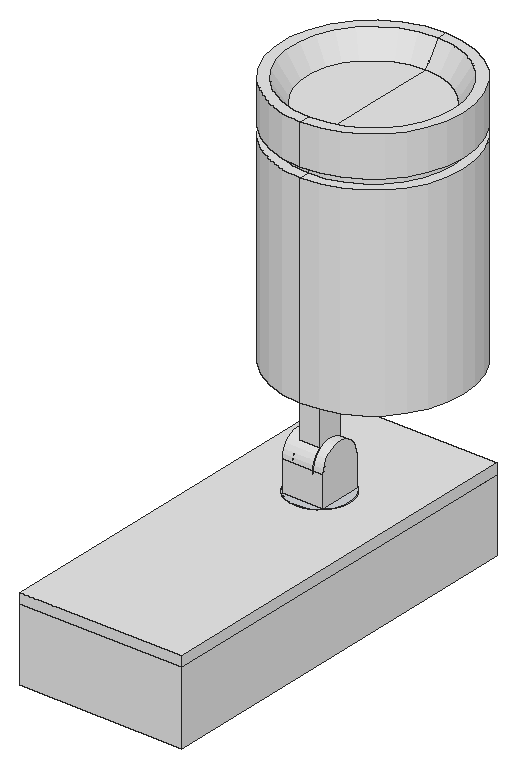
Revit family "63_PHILIPS_StyliD_Evo_Compact_3C_track_ST770T_3D", category Lighting Fixtures, host Face, Revit 2016
Family settings
  Host = Face
  Part Type = Normal
  Round Connector Dimension = Use Diameter
  Cut with Voids When Loaded = No
  Light Source = No
  Shared = No
  Room Calculation Point = No
Parameters (values of type "Type catalog")
  Voltage (V) = ""
  Visibility 2D symbol [instance] = not(Visibility 2D outline)  # yes
  Visibility 2D outline [instance] = no
  Visibility 2D driver [instance] = no
  Rotation XZ = 0.00°
  Rotation XY = 90.00°
  Product catalog - URL = "PRODUCT URL"
  Order code = "ORDER CODE"
  Offset = 1 mm
  Length = 146 mm
  Last IES update = "DATE"
  Height = 275 mm
  Fixture code = "FIXTURE CODE"
  ETIM code URL = "https://prod.etim-international.com/Class/Details?classId=EC001744&classVersion=7"
  ETIM code = "EC001744"
  EOC = "EOC CODE"
  Diameter = 90 mm
  Content version = "1.0"
  Content modified date = "DATE"
  Content creation date = "28-03-2019"
  Constraint XZ = if(Rotation XZ < 0.00°, 0.00°, if(Rotation XZ > 355.00°, 355.00°, Rotation XZ))  # 0.00°
  Constraint XY = if(Rotation XY < 15.00°, 15.00°, if(Rotation XY > 140.00°, 140.00°, Rotation XY))  # 90.00°
  Connector width = 80 mm
  Wattage Comments = ""
  URL = "http://www.lighting.philips.com/home"
  Type Comments = "Track Mount"
  Model = "ST770T"
  Manufacturer = "Philips"
  Light loss factor = ""
  Lamp = ""
  Initial luminous flux (lm) = ""
  Init. Corr. Color Temperature (K) = ""
  Description = "StyliD Evo"
  Default Elevation = 0 mm
  Content Creator = "https://www.cadac.com/bimcontent"
  Connector height = 54 mm
  Conector length = 210 mm
  built-in parameter 1140040 [instance] = 1
  BIM Library - URL = "http://www.lighting.philips.com/main/support/support/revit-library#page=1"
  Assembly Code = ""
  Armatuurcode [instance] = ""
  Apparent Load = 0 VA
  12NC = "12NC CODE"
Reference planes
  plane 1 "Center (Front/Back)": y = 0
  plane 2: z = 0
  plane 3 "Center (Left/Right)": x = 0
  plane 4 "Cadac Group AEC": y = 0
  plane 5: z = 211
  plane 6: z = -53
  plane 7: z = 1
  plane 8: x = -40
  plane 9: y = -195
  plane 10: y = -49.5
  plane 11: x = 40
  plane 12: z = 125.635
  plane 13: z = 42
Lines and regions (mm)
  reference lines
    curve 1: line (0, -49.5, 42) -> (0, -230.226, 42)
Dimensions and locks
  "Connector height": plane 6 to plane 7
  equal spacing: plane 8, plane 3 "Center (Left/Right)", plane 11
  "Connector width": plane 8 to plane 11
  "Offset": plane 2 to plane 7
  "Conector length": plane 7 to plane 5
  plane 9 to plane 1 "Center (Front/Back)" = 195 mm
  locked: plane 10 to curve 1 at 0
  locked: plane 3 "Center (Left/Right)" to curve 1
  "Constraint XZ": angle curve 1 to plane 3 "Center (Left/Right)"
  aligned and locked: plane 2 to host face
  aligned and locked: level to host face
  aligned and locked: plane 4 "Cadac Group AEC" to plane 1 "Center (Front/Back)"
  aligned and locked: nested 1 to plane 1 "Center (Front/Back)"
Automatic sketch dimensions
  host sketch curve to host sketch curve = 727.065 mm
  host sketch curve to host sketch curve = 619.519 mm
Nested families
  nested 1: "63_PHILIPS_Trackmount_Compact_3C" at (0, -90, 1), type "geometry"
    with length 210 mm
  nested 2: "63_PHILIPS_Spot_StyliD_Compact_3C" at (0, -59.5, 42) x (0, -1, 0) z (0, 0, -1), rotation angle ZX <- "Constraint XY", type "Spot"
    with rotation angle ZX 90.00°
  nested 3: "2D-PL-Rechthoekig" at (0, -90, 0) x (0, 1, 0) z (0, 0, 1), Width <- "Connector width", lengte <- "Conector length", visible <- "Visibility 2D outline", type "2D symbool"
    with lengte 210 mm, Width 80 mm
  nested 4: "2D-PL-Rond + symbool + peil" at (0, -26.5, 0) x (-1, 0, 0) z (0, 0, 1), Diameters <- "Diameter", Rotation XY <- "Constraint XZ", visible <- "Visibility 2D symbol", type "2D symbool"
    with radius 45 mm, Rotation XY 0.00°, Diameters 90 mm
  nested 5: "2D-PL-peil" at (0, -26.5, 0) x (0, 1, 0) z (0, 0, 1), type "2D symbool"
  nested 6: "2D-PL-Driver" at (0, -13, 0), visible <- "Visibility 2D driver", type "2D symbool"
Connectors
  electrical at (0, -97.5, 1), driven by "Apparent Load"
    settings: on nested 1, index 1, voltage 0 V, apparent load 0 VA, apparent load phase1 0 VA, apparent load phase2 0 VA, apparent load phase3 0 VA, power factor 1, load classification "Other", number of poles 1, system type 31, power factor state 1, is connector primary yes, connector utility no, sub classification motor no, connector description ""
Definition of nested family "63_PHILIPS_Trackmount_Compact_3C"
  Parameters (values of type "geometry")
    width = 80 mm
    light source = 2 mm
    length = 190 mm
    height = 36 mm
    algemeen_leverancier = ""
    algemeen_code = ""
    algemeen_URL = ""
    Type Comments = ""
    Model = ""
    Manufacturer = "Philips"
    Diameter pole = 30 mm
    Lamp = ""
    Description = ""
  Reference planes
    plane 1 "Center (Front/Back)": y = 0
    plane 2: z = 41
    plane 3 "Center (Left/Right)": x = 0
    plane 4 "Blend 4": z = 0
    plane 5: x = -40
    plane 6: x = 40
    plane 7: y = 95
    plane 8: y = -95
    plane 9: z = 36
    plane 10: z = 10
    plane 11: x = -32.5
    plane 12: x = 32.5
  Forms (mm)
    Extrusion 1, solid
      sketch origin (0, 0, -197) x (0, 1, 0) y (-1, 0, 0)
        loop
          line (-95, 40) -> (-95, -40) -> (80, -40) -> (80, 40) -> (-95, 40)
      from 238 to 233
    Extrusion 2, solid
      sketch origin (0, 0, 36) x (0, 1, 0) y (-1, 0, 0)
        loop
          line (80, 40) -> (-95, 40) -> (-95, -40) -> (80, -40) -> (80, 40)
      from 0 to -36
    Extrusion 3, void
      sketch origin (0, 0, 0) x (1, 0, 0) y (0, 1, 0)
        loop
          circle (0, 30.5) r 15
      from 36 to 41
    Extrusion 4, solid
      sketch origin (0, 0, 0) x (1, 0, 0) y (0, 1, 0)
        loop
          line (-12.5, 85) -> (-12.5, 10)
          arc (-12.5, 10) -> (0, 0) -> (12.5, 10) r 12.813
          line (12.5, 10) -> (12.5, 85)
          arc (12.5, 85) -> (0, 95) -> (-12.5, 85) r 12.813
      from 0 to -30
    Extrusion 5, void
      sketch origin (0, 0, 0) x (0, 1, 0) y (0, 0, 1)
        loop
          line (0, -10) -> (0, -30) -> (95, -30) -> (95, -10) -> (0, -10)
      from 12.5 to 5
    Extrusion 6, void
      sketch origin (0, 0, -1.656) x (0, 1, 0) y (0, 0, -1)
        loop
          line (0, 8.344) -> (95, 8.344) -> (95, 28.344) -> (0, 28.344) -> (0, 8.344)
      from 12.5 to 5
  Cuts and joins
    Extrusion 3 cuts Extrusion 1
    Extrusion 3, Extrusion 5, Extrusion 6 cuts Extrusion 2
    Extrusion 5, Extrusion 6 cuts Extrusion 4
  Dimensions and locks
    "height": plane 9 to level
    equal spacing: plane 7, plane 1 "Center (Front/Back)", plane 8
    "length": plane 7 to plane 8
    equal spacing: plane 5, plane 3 "Center (Left/Right)", plane 6
    "width": plane 5 to plane 6
    locked: plane 2 to plane 9 at 5
    locked: plane 5 to plane 11 at 7.5
    locked: plane 12 to plane 6 at 7.5
    aligned and locked: plane 8 to Extrusion 1 sketch curve
    aligned and locked: plane 5 to Extrusion 1 sketch curve
    aligned and locked: Extrusion 1 sketch curve to plane 6
    aligned and locked: plane 9 to Extrusion 2
    aligned and locked: plane 9 to Extrusion 3
    aligned and locked: Extrusion 3 to plane 2
    aligned and locked: Extrusion 2 to level
    aligned and locked: plane 9 to cut or joined group of Extrusion 1, Extrusion 3
    aligned and locked: cut or joined group of Extrusion 1, Extrusion 3 to plane 2
  Automatic sketch dimensions
    plane 7 to Extrusion 1 sketch curve = 15 mm
    Extrusion 2 sketch curve to Extrusion 1 = 0 mm  (x4)
    Extrusion 3 sketch curve to plane 3 "Center (Left/Right)" = 0 mm
    Extrusion 3 sketch curve to plane 1 "Center (Front/Back)" = 30.5 mm
    Extrusion 4 sketch curve to plane 3 "Center (Left/Right)" = 0 mm  (x2)
    Extrusion 4 sketch curve to plane 3 "Center (Left/Right)" = 12.5 mm
    plane 7 to Extrusion 4 sketch curve = 10 mm
    plane 3 "Center (Left/Right)" to Extrusion 4 sketch curve = 12.5 mm
    plane 7 to Extrusion 4 sketch curve = 12.812 mm
    Extrusion 4 sketch curve to plane 1 "Center (Front/Back)" = 12.813 mm
    Extrusion 4 sketch curve to plane 1 "Center (Front/Back)" = 10 mm
    Extrusion 5 sketch curve to plane 1 "Center (Front/Back)" = 0 mm
    Extrusion 5 sketch curve to plane 7 = 0 mm
    Extrusion 5 sketch curve to level = 10 mm
    Extrusion 5 sketch curve to level = 30 mm
    Extrusion 6 sketch curve to plane 1 "Center (Front/Back)" = 0 mm
    Extrusion 6 sketch curve to plane 7 = 0 mm
    Extrusion 6 sketch curve to level = 10 mm
    Extrusion 6 sketch curve to level = 30 mm
    radius of Extrusion 3 sketch curve = 15 mm
Definition of nested family "63_PHILIPS_Spot_StyliD_Compact_3C"
  Parameters (values of type "Spot")
    spot offset = 30 mm
    rotation angle ZX [instance] = 90.00°
    height spot top = 55 mm
    height spot middle = 10 mm
    height spot = 125 mm
    Radius = 45 mm
    ceiling thickness = 12.5 mm
    Wattage Comments = ""
    URL = "http://www.ecat.lighting.philips.com/l"
    Type Comments = "surface mounted"
    Model = "XXX RS530B"
    Manufacturer = "Philips"
    Description = "XXX LuxSpace"
    Default Elevation = 2800 mm
    Assembly Code = ""
  Reference planes
    plane 1 "Center (Front/Back)": y = 0
    plane 2: z = 0
    plane 3 "Center (Left/Right)": x = 0
    plane 4 "Cadac Group AEC": y = 0
    plane 5: z = 12.5
    plane 6: z = 12.5
    plane 7: z = -14
    plane 8: z = -50
  Forms (mm)
    Extrusion 1, solid
      sketch origin (0, 0, 0) x (1, 0, 0) y (0, 1, 0)
        loop
          line (-350, 290) -> (-350, -329.519) -> (377.065, -329.519) -> (377.065, 290) -> (-350, 290)
      from 0 to 12.5 <- "ceiling thickness"
    Revolve 2, solid
      sketch origin (0, 0, -14) x (0, 0, -1) y (1, 0, 0)
        loop
          line (30, -33) -> (143.915, -33) -> (143.915, 0) -> (155, 7) -> (155, 12) -> (135, 12) -> (135, 7) -> (130, 7) -> (130, 12) -> (30, 12) -> (30, -33)
        axis (30, -33) -> (155, -33)
      angle from 0 to 360
    Extrusion 3, solid
      sketch origin (0, 0, -55) x (0, 0, -1) y (1, 0, 0)
        loop
          line (-11, -6) -> (-11, 6) -> (-31.642, 6)
          arc (-31.642, 6) -> (-50.288, 0) -> (-31.642, -6) r 10.288
          line (-31.642, -6) -> (-11, -6)
      from -5 to 5
    Extrusion 4, solid
      sketch origin (0, 0, -11) x (-1, 0, 0) y (0, 0, -1)
        loop
          line (-10.381, -11) -> (10.381, -11) -> (10.381, 4)
          arc (10.381, 4) -> (0, 14.381) -> (-10.381, 4) r 10.381
          line (-10.381, 4) -> (-10.381, -11)
      from 10 to -10
    Extrusion 5, solid
      sketch origin (0, 0, 0) x (1, 0, 0) y (0, 1, 0)
        loop
          circle (0, 0) r 15
      from 0 to 5
  Lines and regions (mm)
    reference lines
      curve 1: line (0, 0, -14) -> (0, 0, -144)
      curve 2: line (0, 0, -14) -> (-108, 0, -14)
      curve 3: line (12, 0, -169) -> (-108, 0, -169)
      curve 4: line (-108, 0, -169) -> (-108, 0, -14)
      curve 5: line (12, 0, -44) -> (-108, 0, -44)
      curve 6: line (12, 0, -14) -> (12, 0, -169)
      curve 7: line (-48, 0, -169) -> (-48, 0, -14)
  Dimensions and locks
    "spot offset": curve 2 to curve 5
    curve 1 to curve 6 = 12 mm
    plane 8 to Extrusion 1 = 50 mm
    curve 3 to Revolve 2 sketch curve = 11.085 mm
    Revolve 2 sketch curve to curve 6 = 5 mm
    Revolve 2 sketch curve to Revolve 2 sketch curve = 20 mm
    Revolve 2 sketch curve to Revolve 2 sketch curve = 12 mm
    Revolve 2 sketch curve to Revolve 2 sketch curve = 5 mm
    "height spot": Revolve 2 sketch curve to Revolve 2 sketch curve
    "height spot": curve 3 to curve 5
    "rotation angle ZX": angle curve 1 to plane 7
    aligned and locked: plane 2 to Extrusion 1
    aligned and locked: level to Extrusion 1
    aligned and locked: plane 4 "Cadac Group AEC" to plane 1 "Center (Front/Back)"
    aligned and locked: plane 3 "Center (Left/Right)" to curve 1
    aligned and locked: Revolve 2 sketch curve to Revolve 2 sketch curve
    aligned and locked: Revolve 2 sketch curve to curve 3
    aligned and locked: Revolve 2 sketch curve to curve 6  (x2)
  Automatic sketch dimensions
    Extrusion 1 sketch curve to Extrusion 1 sketch curve = 727.065 mm
    Extrusion 1 sketch curve to Extrusion 1 sketch curve = 619.519 mm
    Extrusion 4 sketch curve to level = 0 mm
    plane 7 to Extrusion 4 sketch curve = 1 mm
    Extrusion 4 sketch curve to plane 3 "Center (Left/Right)" = 0 mm
    plane 3 "Center (Left/Right)" to Extrusion 4 sketch curve = 10.381 mm
    plane 1 "Center (Front/Back)" to Extrusion 5 sketch curve = 0 mm
    Extrusion 5 sketch curve to plane 3 "Center (Left/Right)" = 0 mm
    curve 1 to Extrusion 3 sketch curve = 0 mm
    curve 1 to Extrusion 3 sketch curve = 9.358 mm  (x2)
    curve 1 to Extrusion 3 sketch curve = 6 mm
    curve 1 to Extrusion 3 sketch curve = 1 mm
    Extrusion 3 sketch curve to Extrusion 3 sketch curve = 20.642 mm
    curve 1 to plane 7 = 0 mm
    curve 2 to curve 1 = 0 mm  (x2)
    curve 6 to curve 1 = 0 mm
    curve 2 to curve 1 = 108 mm
    curve 7 to curve 1 = 48 mm
    Revolve 2 sketch curve to curve 1 = 0 mm
    Revolve 2 sketch curve to curve 1 = 33 mm
    Revolve 2 sketch curve to Revolve 2 sketch curve = 5 mm
    Revolve 2 sketch curve to Revolve 2 sketch curve = 12.347 mm
    radius of Extrusion 5 sketch curve = 15 mm
  Connectors
    electrical at (0, 0, 0)
      settings: index 1, voltage 230 V, apparent load 0 VA, apparent load phase1 18 VA, apparent load phase2 0 VA, apparent load phase3 0 VA, power factor 1, load classification none, number of poles 1, system type 31, power factor state 1, is connector primary yes, connector utility no, sub classification motor no, connector description ""
Definition of nested family "2D-PL-Rechthoekig"
  Parameters (values of type "2D symbool")
    lengte [instance] = 1200 mm
    Width [instance] = 100 mm
    Type Comments = "GEEN CALCULATIEOBJECT"
    Manufacturer = ""
    Description = "Armatuur 2D symbool"
    Copyright © Cadac = "www.cadac.com/aec"
    Cadac content versie = ""
    Assembly Code = ""
  Reference planes
    plane 1 "Center (Front/Back)": y = 0
    plane 2: z = 0
    plane 3 "Center (Left/Right)": x = 0
    plane 4: y = 150
    plane 5: y = -150
    plane 6: y = 176.777
    plane 7: x = -176.777
    plane 8: x = 176.777
    plane 9: y = -176.777
    plane 10 "Cadac Group AEC": y = 0
    plane 11: y = 400
    plane 12: y = -191.421
    plane 13: y = -206.066
    plane 14: y = -220.711
    plane 15: y = -235.355
  Lines and regions (mm)
    symbolic lines
      curve 1: line (600, 50, 0) -> (600, -50, 0)
      curve 2: line (-600, 50, 0) -> (-600, -50, 0)
      curve 3: line (-600, 50, 0) -> (600, 50, 0)
      curve 4: line (-600, -50, 0) -> (600, -50, 0)
  Dimensions and locks
    equal spacing: curve 2, plane 3 "Center (Left/Right)", curve 1
    "lengte": curve 2 to curve 1
    equal spacing: plane 5, plane 1 "Center (Front/Back)", plane 4
    locked: plane 4 to plane 5 at 300
    equal spacing: curve 4, plane 1 "Center (Front/Back)", curve 3
    "Width": curve 4 to curve 3
    locked: plane 7 to plane 8 at 353.553
    locked: plane 6 to plane 9 at 353.553
    equal spacing: plane 7, plane 3 "Center (Left/Right)", plane 8
    equal spacing: plane 6, plane 1 "Center (Front/Back)", plane 9
    locked: plane 1 "Center (Front/Back)" to plane 11 at 400
    equal spacing: plane 9, plane 12, plane 13, plane 14, plane 15
    locked: plane 9 to plane 15 at 58.579
    aligned and locked: plane 10 "Cadac Group AEC" to plane 1 "Center (Front/Back)"
Definition of nested family "2D-PL-Rond + symbool + peil"
  Parameters (values of type "2D symbool")
    radius [instance] = Diameters / 2  # 125 mm
    Visibility 2D symbol = yes
    Rotation XY [instance] = 70.00°
    Diameters [instance] = 250 mm
    Description = "Armatuur symbool"
    Copyright © Cadac = "www.cadac.com/aec"
    Cadac content versie = ""
    Assembly Code = ""
  Reference planes
    plane 1 "Center (Front/Back)": y = 0
    plane 2: z = 0
    plane 3 "Center (Left/Right)": x = 0
  Lines and regions (mm)
    symbolic lines
      curve 1: circle (0, 0, 0) r 125 normal (0, 0, 1)
    reference lines
      curve 2: line (0, 0, 0) -> (314.797, 114.577, 0)
  Dimensions and locks
    locked: plane 3 "Center (Left/Right)" to nested 2 at 0
    "Diameters": diameter of curve 1
    "Rotation XY": angle curve 2 to plane 3 "Center (Left/Right)"
    aligned and locked: plane 3 "Center (Left/Right)" to curve 2
    aligned and locked: plane 1 "Center (Front/Back)" to curve 2
    aligned and locked: nested 2 to curve 2
  Automatic sketch dimensions
    plane 1 "Center (Front/Back)" to curve 1 = 0 mm
    curve 1 to plane 3 "Center (Left/Right)" = 0 mm
  Nested families
    nested 1: "PL-opbouwarmatuur plafond rond" at (0, 0, 0), radius cirkel <- "radius", visible <- "Visibility 2D symbol", type "PL lichtpunt"
      with radius cirkel 125 mm, lengte symbool 162.5 mm, l1 140 mm, breedte symbool 150 mm, b1 52.5 mm, Diameters 250 mm
    nested 2: "2D-PL-peil" at (0, 0, 0) x (-0.9397, -0.342, 0) z (0, 0, 1), visible <- "Visibility 2D symbol", type "2D symbool"
  Definition of nested family "PL-opbouwarmatuur plafond rond"
    Parameters (values of type "PL lichtpunt")
      radius cirkel [instance] = 200 mm
      lengte symbool [instance] = 162.5 mm
      l1 [instance] = 140 mm
      breedte symbool [instance] = radius cirkel + 25 mm  # 225 mm
      b1 [instance] = 52.5 mm
      Diameters = 74 mm
      Description = "PL lichtpunt"
      Copyright © Cadac = "www.cadac.com/aec"
      Cadac content versie = "4.0"  # constant formula
      Assembly Code = ""
    Reference planes
      plane 1 "Center (Front/Back)": y = 0
      plane 2: z = 0
      plane 3 "Center (Left/Right)": x = 0
      plane 4: y = 112.5
      plane 5: y = -112.5
    Lines and regions (mm)
      symbolic lines
        curve 1: circle (0, 0, 0) r 200 normal (0, 0, 1)
        curve 2: line (-165.359, 112.5, 0) -> (165.359, -112.5, 0)
        curve 3: line (-165.359, -112.5, 0) -> (165.359, 112.5, 0)
    Dimensions and locks
      equal spacing: plane 4, plane 1 "Center (Front/Back)", plane 5
      "breedte symbool": plane 4 to plane 5
      "radius cirkel": radius of curve 1
      aligned and locked: plane 4 to curve 2
      aligned and locked: plane 4 to curve 3
      aligned and locked: plane 5 to curve 3
      aligned and locked: plane 5 to curve 2
    Automatic sketch dimensions
      plane 1 "Center (Front/Back)" to curve 1 = 0 mm
      curve 1 to plane 3 "Center (Left/Right)" = 0 mm
  Definition of nested family "2D-PL-peil"
    Parameters (values of type "2D symbool")
      lengte = 200 mm
      Type Comments = "GEEN CALCULATIEOBJECT"
      Peil lengte = 100 mm
      Manufacturer = ""
      Description = "Armatuur 2D symbool"
      Default Elevation = 1219.2 mm
      Copyright © Cadac = "www.cadac.com/aec"
      Cadac content versie = ""
      Assembly Code = ""
    Reference planes
      plane 1 "Center (Front/Back)": y = 0
      plane 2: z = 0
      plane 3 "Center (Left/Right)": x = 0
      plane 4: y = 150
      plane 5: y = -150
      plane 6: y = 176.777
      plane 7: x = -176.777
      plane 8: x = 176.777
      plane 9: y = -176.777
      plane 10: y = 400
      plane 11: y = -191.421
      plane 12: y = -206.066
      plane 13: y = -220.711
      plane 14: y = -235.355
    Lines and regions (mm)
      symbolic lines
        curve 1: line (-200, 0, 0) -> (0, 0, 0)
        curve 2: line (-200, 0, 0) -> (-121.849, 62.389, 0)
        curve 3: line (-200, 0, 0) -> (-121.849, -62.389, 0)
      reference lines
        curve 4: line (100, -50, 0) -> (-245, -50, 0)
    Dimensions and locks
      equal spacing: plane 5, plane 1 "Center (Front/Back)", plane 4
      locked: plane 4 to plane 5 at 300
      locked: plane 7 to plane 8 at 353.553
      locked: plane 6 to plane 9 at 353.553
      equal spacing: plane 7, plane 3 "Center (Left/Right)", plane 8
      equal spacing: plane 6, plane 1 "Center (Front/Back)", plane 9
      locked: plane 1 "Center (Front/Back)" to plane 10 at 400
      equal spacing: plane 9, plane 11, plane 12, plane 13, plane 14
      locked: plane 9 to plane 14 at 58.579
      "lengte": curve 1 to curve 1
      "Peil lengte": curve 2 to curve 2
      "Peil lengte": curve 3 to curve 3
    Automatic sketch dimensions
      curve 4 to plane 7 = 68.223 mm
      plane 1 "Center (Front/Back)" to curve 4 = 50 mm
      curve 4 to plane 8 = 76.777 mm
      plane 1 "Center (Front/Back)" to curve 3 = 0 mm
      curve 1 to plane 3 "Center (Left/Right)" = 0 mm
      plane 7 to curve 2 = 54.928 mm
      plane 7 to curve 3 = 54.928 mm
Definition of nested family "2D-PL-peil"
  Parameters (values of type "2D symbool")
    lengte = 200 mm
    Type Comments = "GEEN CALCULATIEOBJECT"
    Peil lengte = 100 mm
    Manufacturer = ""
    Description = "Armatuur 2D symbool"
    Default Elevation = 1219.2 mm
    Copyright © Cadac = "www.cadac.com/aec"
    Cadac content versie = ""
    Assembly Code = ""
  Reference planes
    plane 1 "Center (Front/Back)": y = 0
    plane 2: z = 0
    plane 3 "Center (Left/Right)": x = 0
    plane 4: y = 150
    plane 5: y = -150
    plane 6: y = 176.777
    plane 7: x = -176.777
    plane 8: x = 176.777
    plane 9: y = -176.777
    plane 10: y = 400
    plane 11: y = -191.421
    plane 12: y = -206.066
    plane 13: y = -220.711
    plane 14: y = -235.355
  Lines and regions (mm)
    symbolic lines
      curve 1: line (-200, 0, 0) -> (0, 0, 0)
      curve 2: line (-200, 0, 0) -> (-121.849, 62.389, 0)
      curve 3: line (-200, 0, 0) -> (-121.849, -62.389, 0)
    reference lines
      curve 4: line (100, -50, 0) -> (-245, -50, 0)
  Dimensions and locks
    equal spacing: plane 5, plane 1 "Center (Front/Back)", plane 4
    locked: plane 4 to plane 5 at 300
    locked: plane 7 to plane 8 at 353.553
    locked: plane 6 to plane 9 at 353.553
    equal spacing: plane 7, plane 3 "Center (Left/Right)", plane 8
    equal spacing: plane 6, plane 1 "Center (Front/Back)", plane 9
    locked: plane 1 "Center (Front/Back)" to plane 10 at 400
    equal spacing: plane 9, plane 11, plane 12, plane 13, plane 14
    locked: plane 9 to plane 14 at 58.579
    "lengte": curve 1 to curve 1
    "Peil lengte": curve 2 to curve 2
    "Peil lengte": curve 3 to curve 3
  Automatic sketch dimensions
    curve 4 to plane 7 = 68.223 mm
    plane 1 "Center (Front/Back)" to curve 4 = 50 mm
    curve 4 to plane 8 = 76.777 mm
    plane 1 "Center (Front/Back)" to curve 3 = 0 mm
    curve 1 to plane 3 "Center (Left/Right)" = 0 mm
    plane 7 to curve 2 = 54.928 mm
    plane 7 to curve 3 = 54.928 mm
Definition of nested family "2D-PL-Driver"
  Parameters (values of type "2D symbool")
    Description = "Armatuur symbool"
    Copyright © Cadac = "www.cadac.com/aec"
    Cadac content versie = ""
    Assembly Code = ""
  Reference planes
    plane 1 "Center (Front/Back)": y = 0
    plane 2: z = 0
    plane 3 "Center (Left/Right)": x = 0
  Lines and regions (mm)
    model lines
      curve 1: line (-12.5, -19.5, 0) -> (-12.5, 19.5, 0)
      curve 2: line (12.5, 19.5, 0) -> (12.5, -19.5, 0)
      curve 3: arc (-12.5, 19.5, 0) -> (0, 27.5, 0) -> (12.5, 19.5, 0) r 13.766
      curve 4: arc (-12.5, -19.5, 0) -> (0, -27.5, 0) -> (12.5, -19.5, 0) r 13.766
